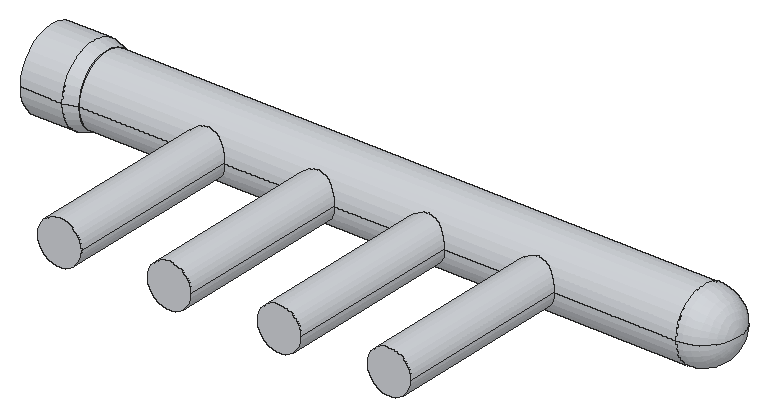
Revit family
Parameters (values of type "46.4kW 이하 (4실)")
  URL = "http://www.samsungb2b.co.kr"
  Radius_OutletOD = Radius_Outlet + 1.1 mm  # 9.05 mm
  Radius_Outlet = Diameter_Outlet * 0.5  # 7.95 mm
  Radius_InletOD = Radius_Inlet + 1.6 mm  # 14.3 mm
  Radius_Inlet = Diameter_Inlet * 0.5  # 12.7 mm
  Model = "AXJ-HA2512*"  # constant formula
  Manufacturer = "SAMSUNG ELECTRONICS CO., LTD."  # constant formula
  Length_W = 77.7 mm
  Length_L = 250.0 mm
  EHP-ACC_07 = "AXJ-HA2512*"
  EHP-ACC_06 = "46.4kW 이하 (4실)"
  EHP-ACC_05 = "헤더 분기관 (액관)"
  EHP-ACC_04 = ""
  EHP-ACC_03 = "설치 액세서리"
  EHP-ACC_02 = 1
  EHP-ACC_01 = ""
  Distance_D2 = 40.0 mm
  Distance_D1 = 65.0 mm
  Diameter_Outlet = 15.9 mm
  Diameter_Inlet = 25.4 mm
Reference planes
  plane 1 "Center (Front/Back)": y = 0
  plane 2: z = 0
  plane 3 "Center (Left/Right)": x = 0
  plane 4: x = -125
  plane 5: x = 125
  plane 6: y = -77.7
  plane 7 "가지관1": x = -60
  plane 8: x = -60
  plane 9: x = -20
  plane 10: x = 20
  plane 11: x = 60
  plane 12: x = -110.01
  plane 13: x = -105
Forms (mm)
  Revolve 1, solid
    sketch origin (0, 0, 0) x (1, 0, 0) y (0, 1, 0)
      loop
        line (-125, 0) -> (-105, 0) -> (-105, 12.7) -> (-109.854, 14.3) -> (-125, 14.3) -> (-125, 0)
      axis (-125, 0) -> (-105, 0)
    angle from 0 to 360
  Revolve 2, solid
    sketch origin (0, 0, 0) x (1, 0, 0) y (0, 1, 0)
      loop
        line (-105, 0) -> (125, 0)
        arc (125, 0) -> (121.28, 8.98) -> (112.3, 12.7) r 12.7
        line (112.3, 12.7) -> (-105, 12.7) -> (-105, 0)
      axis (125, 0) -> (-105, 0)
    angle from 0 to 360
  Sweep 3, solid
    path origin (0, 0, 0) x (1, 0, 0) y (0, 1, 0)
      loop
        line (-60, 0) -> (-60, -77.7)
    profile "Profile_Circle : Profile_Circle_Outlet" origin (-60, -38.85, 0) x (1, 0, 0) y (0, 0, 1)
      loop
        circle (0, 0) r 7.95
  Sweep 4, solid
    path origin (0, 0, 0) x (1, 0, 0) y (0, 1, 0)
      loop
        line (-20, 0) -> (-20, -77.7)
    profile "Profile_Circle : Profile_Circle_Outlet" origin (-20, -38.85, 0) x (1, 0, 0) y (0, 0, 1)
      loop
        circle (0, 0) r 7.95
  Sweep 5, solid
    path origin (0, 0, 0) x (1, 0, 0) y (0, 1, 0)
      loop
        line (20, 0) -> (20, -77.7)
    profile "Profile_Circle : Profile_Circle_Outlet" origin (20, -38.85, 0) x (1, 0, 0) y (0, 0, 1)
      loop
        circle (0, 0) r 7.95
  Sweep 6, solid
    path origin (0, 0, 0) x (1, 0, 0) y (0, 1, 0)
      loop
        line (60, 0) -> (60, -77.7)
    profile "Profile_Circle : Profile_Circle_Outlet" origin (60, -38.85, 0) x (1, 0, 0) y (0, 0, 1)
      loop
        circle (0, 0) r 7.95
Cuts and joins
  joined: Revolve 2, Sweep 3, Sweep 4, Sweep 5, Sweep 6
Dimensions and locks
  equal spacing: plane 4, plane 3 "Center (Left/Right)", plane 5
  "Length_W": plane 6 to plane 1 "Center (Front/Back)"
  "Length_L": plane 4 to plane 5
  "Distance_D1": plane 4 to plane 7 "가지관1"
  "Radius_InletOD": plane 1 "Center (Front/Back)" to Revolve 1 sketch curve
  "Radius_Inlet": plane 1 "Center (Front/Back)" to Revolve 1 sketch curve
  "Distance_D2": plane 8 to plane 9
  equal spacing: plane 8, plane 9, plane 10, plane 11
  "Radius_Inlet": plane 1 "Center (Front/Back)" to Revolve 2 sketch curve
  locked: plane 4 to plane 13 at 20
  "Radius_Inlet": radius of Revolve 2 sketch curve
  aligned and locked: Revolve 1 sketch curve to plane 1 "Center (Front/Back)"
  aligned and locked: Revolve 2 sketch curve to plane 1 "Center (Front/Back)"  (x2)
  aligned and locked: plane 13 to Revolve 2 sketch curve
Automatic sketch dimensions
  Revolve 2 sketch curve to plane 5 = 0.0 mm
  Revolve 2 sketch curve to plane 4 = 30.0 mm
  plane 10 to Revolve 2 sketch curve = 20.0 mm
  Revolve 1 sketch curve to plane 4 = 0.0 mm
  plane 12 to Revolve 1 sketch curve = 0.156 mm
  Revolve 1 sketch curve to plane 13 = 0.0 mm
  plane 1 "Center (Front/Back)" to Revolve 1 sketch curve = 0.0 mm
  Revolve 1 sketch curve to plane 7 "가지관1" = 0.0 mm
  plane 13 to Revolve 1 sketch curve = 2.621 mm
  Sweep 3 sketch curve to plane 6 = 0.0 mm
  Sweep 3 sketch curve to plane 7 "가지관1" = 0.0 mm
  plane 1 "Center (Front/Back)" to Sweep 3 sketch curve = 0.0 mm
  Sweep 4 sketch curve to plane 6 = 0.0 mm
  Sweep 4 sketch curve to plane 9 = 0.0 mm
  plane 1 "Center (Front/Back)" to Sweep 4 sketch curve = 0.0 mm
  Sweep 5 sketch curve to plane 6 = 0.0 mm
  Sweep 5 sketch curve to plane 10 = 0.0 mm
  plane 1 "Center (Front/Back)" to Sweep 5 sketch curve = 0.0 mm
  Sweep 6 sketch curve to plane 6 = 0.0 mm
  Sweep 6 sketch curve to plane 11 = 0.0 mm
  plane 1 "Center (Front/Back)" to Sweep 6 sketch curve = 0.0 mm
Connectors
  piping at (-125, 0, 0), driven by "Radius_Inlet"
    settings: on Revolve 1, index 1
  piping at (-60, -77.7, 0), driven by "Radius_Outlet"
    settings: on cut or joined group of Revolve 2, Sweep 3, Sweep 4, Sweep 5, Sweep 6, index 2
  piping at (-20, -77.7, 0), driven by "Radius_Outlet"
    settings: on cut or joined group of Revolve 2, Sweep 3, Sweep 4, Sweep 5, Sweep 6, index 3
  piping at (20, -77.7, 0), driven by "Radius_Outlet"
    settings: on cut or joined group of Revolve 2, Sweep 3, Sweep 4, Sweep 5, Sweep 6, index 4
  piping at (60, -77.7, 0), driven by "Radius_Outlet"
    settings: on cut or joined group of Revolve 2, Sweep 3, Sweep 4, Sweep 5, Sweep 6, index 5
